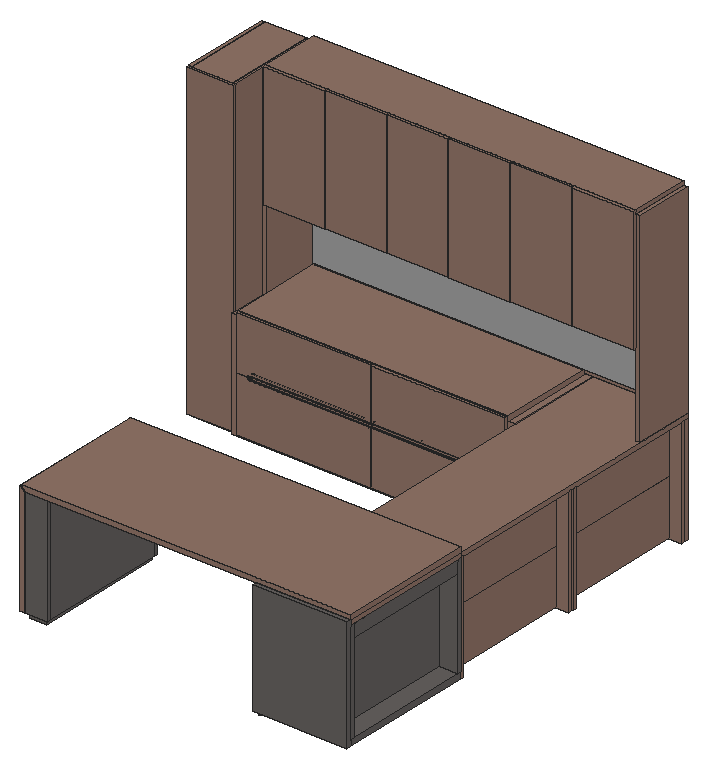
Revit family "OFS TYPICAL T100006", category Furniture, Revit 2022 (continued)
Definition of nested family "OFS SLATE CREDENZAS"
  Definition of nested family "OFS_Slate Private Office_Credenzas_Lateral File Cabinet"
    Dimensions and locks (in)
      aligned and locked: Extrusion 13 to plane 19
      aligned and locked: Extrusion 14 sketch curve to Extrusion 14 sketch curve  (x2)
    Automatic sketch dimensions
      Revolve 1 sketch curve to plane 12 = 0' - 0"
      Revolve 1 sketch curve to level = 0' - 0"  (x2)
      Revolve 1 sketch curve to plane 6 = 0' - 0.6409"
      Revolve 1 sketch curve to Revolve 1 sketch curve = 0' - 0.245"
      Revolve 1 sketch curve to Revolve 1 sketch curve = 0' - 0.005"
      Revolve 1 sketch curve to Revolve 1 sketch curve = 0' - 0.03868"
      level to Revolve 1 sketch curve = 0' - 0.13"
      Revolve 1 sketch curve to Revolve 1 sketch curve = 0' - 0"
      Revolve 1 sketch curve to level = 0' - 0.09316"
      Revolve 2 sketch curve to plane 12 = 0' - 0"
      Revolve 2 sketch curve to level = 0' - 0"  (x2)
      Revolve 2 sketch curve to plane 4 = 0' - 0.6409"
      Revolve 2 sketch curve to Revolve 2 sketch curve = 0' - 0.245"
      Revolve 2 sketch curve to Revolve 2 sketch curve = 0' - 0.005"
      Revolve 2 sketch curve to Revolve 2 sketch curve = 0' - 0.03868"
      Revolve 2 sketch curve to plane 12 = 0' - 0.19756"
      Revolve 2 sketch curve to Revolve 2 sketch curve = 0' - 0"
      Revolve 2 sketch curve to Revolve 2 sketch curve = 0' - 0.09316"
      Revolve 3 sketch curve to plane 12 = 0' - 0"
      Revolve 3 sketch curve to level = 0' - 0"  (x2)
      Revolve 3 sketch curve to plane 4 = 0' - 0.6409"
      Revolve 3 sketch curve to Revolve 3 sketch curve = 0' - 0.245"
      Revolve 3 sketch curve to Revolve 3 sketch curve = 0' - 0.005"
      Revolve 3 sketch curve to Revolve 3 sketch curve = 0' - 0.03868"
      level to Revolve 3 sketch curve = 0' - 0.13"
      Revolve 3 sketch curve to Revolve 3 sketch curve = 0' - 0"
      Revolve 3 sketch curve to Revolve 3 sketch curve = 0' - 0.09316"
      Revolve 4 sketch curve to plane 12 = 0' - 0"
      Revolve 4 sketch curve to level = 0' - 0"  (x2)
      Revolve 4 sketch curve to plane 6 = 0' - 0.6409"
      Revolve 4 sketch curve to Revolve 4 sketch curve = 0' - 0.245"
      Revolve 4 sketch curve to Revolve 4 sketch curve = 0' - 0.005"
      Revolve 4 sketch curve to Revolve 4 sketch curve = 0' - 0.03868"
      Revolve 4 sketch curve to Revolve 4 sketch curve = 0' - 0.19756"
      Revolve 4 sketch curve to Revolve 4 sketch curve = 0' - 0"
      Revolve 4 sketch curve to level = 0' - 0.09316"
      Extrusion 5 sketch curve to plane 4 = 0' - 0"  (x2)
      Extrusion 5 sketch curve to plane 6 = 0' - 0"  (x2)
      plane 14 to Extrusion 5 sketch curve = 0' - 0.62544"  (x2)
      Extrusion 5 sketch curve to Extrusion 5 sketch curve = 0' - 1 1/2"  (x2)
      Extrusion 5 sketch curve to plane 15 = 0' - 0.62544"  (x2)
      Extrusion 5 sketch curve to plane 6 = 0' - 1 1/2"  (x2)
      Extrusion 5 sketch curve to plane 14 = 0' - 0.87456"  (x2)
      plane 15 to Extrusion 5 sketch curve = 0' - 0.87456"  (x2)
      Extrusion 6 sketch curve to plane 7 = 0' - 0"
      Extrusion 6 sketch curve to plane 1 "Center (Front/Back)" = 0' - 0"
      plane 13 to Extrusion 6 sketch curve = 0' - 0"
      plane 13 to Extrusion 6 sketch curve = 0' - 1 3/16"
      plane 1 "Center (Front/Back)" to Sweep 7 sketch curve = 0' - 0"  (x2)
      Sweep 7 sketch curve to plane 12 = 0' - 0"
      Sweep 7 sketch curve to profile plane = 0' - 0"
      profile plane to Sweep 7 sketch curve = 0' - 0 3/4"
      plane 12 to Sweep 7 sketch curve = 0' - 1 1/4"
      Extrusion 8 sketch curve to plane 12 = 0' - 0"
      Extrusion 8 sketch curve to plane 1 "Center (Front/Back)" = 0' - 0"
      plane 14 to Extrusion 8 sketch curve = 0' - 0.62544"
      plane 13 to Extrusion 8 sketch curve = 0' - 1 3/16"
      Extrusion 9 sketch curve to plane 3 "Center (Left/Right)" = 0' - 0"
      plane 6 to Extrusion 9 sketch curve = 0' - 0"
      Extrusion 9 sketch curve to plane 4 = 0' - 0"
      plane 5 to Extrusion 9 sketch curve = 0' - 0"
      plane 12 to Extrusion 9 sketch curve = 0' - 1 1/4"  (x2)
      plane 13 to Extrusion 9 sketch curve = 0' - 1 3/16"  (x2)
      Extrusion 10 sketch curve to plane 8 = 0' - 0"
      plane 13 to Extrusion 10 sketch curve = 0' - 0 1/16"
      plane 8 to Extrusion 10 sketch curve = 0' - 0.26"
      plane 13 to Extrusion 10 sketch curve = 0' - 0.09911"
      Extrusion 10 sketch curve to Extrusion 10 sketch curve = 0' - 0.08839"
      Extrusion 10 sketch curve to plane 7 = 0' - 0.08661"
      plane 13 to Extrusion 10 sketch curve = 0' - 0.50072"
      plane 12 to Extrusion 10 sketch curve = 0' - 1 1/4"
      Sweep 11 sketch curve to plane 8 = 0' - 0"
      plane 8 to Sweep 11 sketch curve = 0' - 0.06025"
      Sweep 11 sketch curve to profile plane = 0' - 0.18113"
      Sweep 11 sketch curve to profile plane = 0' - 0.23364"
      Sweep 11 sketch curve to Sweep 11 sketch curve = 0' - 0.06813"
      Sweep 11 sketch curve to Sweep 11 sketch curve = 0' - 0 33/64"
      Sweep 11 sketch curve to Sweep 11 sketch curve = 0' - 0.29853"
      Sweep 11 sketch curve to Sweep 11 sketch curve = 0' - 0.23498"
      plane 12 to Extrusion 12 sketch curve = 0' - 1 1/4"
      Extrusion 12 sketch curve to Extrusion 12 sketch curve = 0' - 0 3/4"
      Extrusion 13 sketch curve to plane 8 = 0' - 0"
      plane 13 to Extrusion 13 sketch curve = 0' - 0 1/16"
      Extrusion 13 sketch curve to Extrusion 13 sketch curve = 0' - 0.26"
      plane 13 to Extrusion 13 sketch curve = 0' - 0.09911"
      Extrusion 13 sketch curve to Extrusion 13 sketch curve = 0' - 0.08839"
      Extrusion 13 sketch curve to plane 7 = 0' - 0.08661"
      plane 13 to Extrusion 13 sketch curve = 0' - 0.50072"
      plane 12 to Extrusion 13 sketch curve = 0' - 1 1/4"
      plane 12 to Extrusion 14 sketch curve = 0' - 1 1/4"
      Extrusion 14 sketch curve to Extrusion 14 sketch curve = 1' - 1 21/32"
      Extrusion 14 sketch curve to Extrusion 14 sketch curve = 0' - 0 1/8"
      plane 13 to Extrusion 14 sketch curve = 0' - 0 1/16"
      plane 12 to Sweep 11 sketch curve = 1' - 2.15699"
      Sweep 11 sketch curve to Sweep 11 sketch curve = 0' - 0.81176"
  Definition of nested family "OFS_Slate Private Office_Credenzas_Lateral File"
    Parameters
      Width [instance] = 2' - 6"
      URL = "http://www.ofsbrands.com/"
      Type = 2
      Top [instance] = none
      Model = "Type Catalog"
      Manufacturer = "OFS BRANDS"  # constant formula
      Length 3 [instance] = if(or(and(Type = 2, Width = 5' 0"), and(Type = 2, Width = 6' 0")), (Width / 2 + 0' 3.624"), Width + 0' 3")  # 2' - 9"
      Length 2 [instance] = if(or(and(Type = 2, Width = 2' 6"), and(Type = 2, Width = 5' 0")), 1' 10.692", 2' 4.692")  # 1' - 10.692"
      Length 1 [instance] = if(and(Type = 2, Width < 5' 0"), 0' 0", Width / 2)  # 0' - 0"
      Lateral File = Type = 2  # yes
      Glides [instance] = none
      Drawers [instance] = none
      Description = "Type Catalog"
      Default Elevation = 0' - 0"
      Copyright © = "© 2016 OFS BRANDS"  # constant formula
      Catalog = "OFS"  # constant formula
      Case [instance] = none
      Base [instance] = none
      Authoring Version = "Autodesk Revit Architecture 2014"  # constant formula
      Assembly Code = "E2020200"
    Reference planes (in)
      plane 1 "Center (Front/Back)": y = 0
      plane 2: z = 0
      plane 3 "Center (Left/Right)": x = 0
      plane 4: x = 0
      plane 5: x = 29.25
      plane 6: x = 30
      plane 7: x = 0.75
      plane 8: y = -24
      plane 9: y = -24.83661
      plane 10: y = -23.125
      plane 11: x = 0.125
      plane 12: x = 29.875
      plane 13: z = 0.45
      plane 14: z = 29.2
      plane 15: y = -1.37544
      plane 16: y = -21.74956
      plane 17: y = -11.5625
      plane 18: x = 15
    Forms (in)
      Revolve 1, solid, material <- "Glides", visible <- "Lateral File"
        sketch origin (1.0178, -1.37544, 47.24409) x (-1, 0, 0) y (0, 0, 1)
          loop
            line (-0.3731, -46.79409) -> (-0.3731, -47.24409) -> (-0.1281, -47.24409)
            arc (-0.1281, -47.24409) -> (0, -47.13626) -> (-0.08442, -46.99165) r 0.13
            line (-0.08442, -46.99165) -> (-0.1231, -46.99165) -> (-0.1231, -46.79409) -> (-0.3731, -46.79409)
          axis (-0.3731, -46.79409) -> (-0.3731, -47.24409)
        angle from 0 to 360
      Revolve 2, solid, material <- "Glides", visible <- "Lateral File"
        sketch origin (70.9822, -1.37544, 47.24409) x (1, 0, 0) y (0, 0, -1)
          loop
            line (-42.3731, 46.79409) -> (-42.1231, 46.79409) -> (-42.1231, 46.99165) -> (-42.08442, 46.99165)
            arc (-42.08442, 46.99165) -> (-42, 47.13626) -> (-42.1281, 47.24409) r 0.13
            line (-42.1281, 47.24409) -> (-42.3731, 47.24409) -> (-42.3731, 46.79409)
          axis (-42.3731, 46.79409) -> (-42.3731, 47.24409)
        angle from 0 to 360
      Revolve 3, solid, material <- "Glides", visible <- "Lateral File"
        sketch origin (70.9822, -21.74956, 47.24409) x (1, 0, 0) y (0, 0, 1)
          loop
            line (-42.3731, -46.79409) -> (-42.3731, -47.24409) -> (-42.1281, -47.24409)
            arc (-42.1281, -47.24409) -> (-42, -47.13626) -> (-42.08442, -46.99165) r 0.13
            line (-42.08442, -46.99165) -> (-42.1231, -46.99165) -> (-42.1231, -46.79409) -> (-42.3731, -46.79409)
          axis (-42.3731, -46.79409) -> (-42.3731, -47.24409)
        angle from 0 to 360
      Revolve 4, solid, material <- "Glides", visible <- "Lateral File"
        sketch origin (1.0178, -21.74956, 47.24409) x (-1, 0, 0) y (0, 0, -1)
          loop
            line (-0.3731, 46.79409) -> (-0.1231, 46.79409) -> (-0.1231, 46.99165) -> (-0.08442, 46.99165)
            arc (-0.08442, 46.99165) -> (0, 47.13626) -> (-0.1281, 47.24409) r 0.13
            line (-0.1281, 47.24409) -> (-0.3731, 47.24409) -> (-0.3731, 46.79409)
          axis (-0.3731, 46.79409) -> (-0.3731, 47.24409)
        angle from 0 to 360
      Extrusion 5, solid, material <- "Case", visible <- "Lateral File"
        sketch origin (-60.07556, -60, 0.45) x (-1, 0, 0) y (0, -1, 0)
          loop
            line (-60.82556, -59.25) -> (-60.82556, -57.75) -> (-62.32556, -57.75) -> (-62.32556, -59.25) -> (-60.82556, -59.25)
          loop
            line (-60.82556, -39.125) -> (-60.82556, -37.625) -> (-62.32556, -37.625) -> (-62.32556, -39.125) -> (-60.82556, -39.125)
          loop
            line (-89.32556, -59.25) -> (-87.82556, -59.25) -> (-87.82556, -57.75) -> (-89.32556, -57.75) -> (-89.32556, -59.25)
          loop
            line (-89.32556, -39.125) -> (-87.82556, -39.125) -> (-87.82556, -37.625) -> (-89.32556, -37.625) -> (-89.32556, -39.125)
        from 0 to 1.25
      Extrusion 6, solid, material <- "Top", visible <- "Lateral File"
        sketch origin (0, 0, 0) x (0, 1, 0) y (0, 0, 1)
          loop
            line (0, 29.2) -> (-24, 29.2) -> (-24, 28.0125) -> (0, 28.0125) -> (0, 29.2)
        from 0 to 30
      Sweep 7, solid, material <- "Case", visible <- "Lateral File"
        path origin (-60.07556, -60, 0.45) x (-1, 0, 0) y (0, -1, 0)
          loop
            line (-90.07556, -60) -> (-90.07556, -36.875) -> (-60.07556, -36.875) -> (-60.07556, -60)
        profile origin (0, -11.5625, 0.45) x (-1, 0, 0) y (0, 0, 1)
          loop
            line (-0.75, 0) -> (0, 0) -> (0, 1.25) -> (-0.75, 1.25) -> (-0.75, 0)
      Extrusion 8, solid, material <- "Case", visible <- "Lateral File"
        sketch origin (0, 0, 0) x (0, 1, 0) y (0, 0, 1)
          loop
            line (0, 28.0125) -> (-0.75, 28.0125) -> (-0.75, 0.45) -> (0, 0.45) -> (0, 28.0125)
        from 0.75 to 29.25
      Extrusion 9, solid, material <- "Case", visible <- "Lateral File"
        sketch origin (0, 0, 0) x (1, 0, 0) y (0, 0, 1)
          loop
            line (0, 28.0125) -> (0, 1.7) -> (0.75, 1.7) -> (0.75, 28.0125) -> (0, 28.0125)
          loop
            line (29.25, 28.0125) -> (29.25, 1.7) -> (30, 1.7) -> (30, 28.0125) -> (29.25, 28.0125)
        from 0 to 24
      Extrusion 10, solid, material <- "Drawers", visible <- "Lateral File"
        sketch origin (0.125, -24.83661, 47.24409) x (0, -1, 0) y (0, 0, 1)
          loop
            line (-0.75, -18.10659) -> (-0.75, -31.76284) -> (0, -31.76284) -> (0, -18.10659) -> (-0.75, -18.10659)
          loop
            line (-0.75, -45.5441) -> (0, -45.5441) -> (0, -31.88784) -> (-0.75, -31.88784) -> (-0.75, -45.5441)
        from 0 to -29.75
      Extrusion 11, void
        sketch origin (-60.07556, -60, 0.45) x (0, -1, 0) y (-1, 0, 0)
          loop
            line (-35.91339, -60.01306) -> (-35.91339, -60.13806) -> (-35.16339, -60.13806) -> (-35.16339, -60.01306) -> (-35.91339, -60.01306)
        from 0 to -28.75
      Sweep 12, void
        path origin (-3.76383, -24.83661, 47.24409) x (-1, 0, 0) y (0, 0, 1)
          loop
            line (-7.41768, -31.01358) -> (-30.10968, -31.01358)
            arc (-30.10968, -31.01358) -> (-30.92144, -31.82534) -> (-30.10968, -32.63711) r 0.81176
            line (-30.10968, -32.63711) -> (-7.41768, -32.63711)
            arc (-7.41768, -32.63711) -> (-6.60591, -31.82534) -> (-7.41768, -31.01358) r 0.81176
        profile origin (14.99984, -24.83661, 16.23051) x (0, 0, -1) y (0, 1, 0)
          loop
            line (0.74926, 0) -> (0.74926, 0.59375) -> (0.23364, 0.59375)
            arc (0.23364, 0.59375) -> (-0.00045, 0.3792) -> (0.19294, 0.12735) r 0.23498
            arc (0.19294, 0.12735) -> (0.23332, 0.10405) -> (0.24927, 0.06025) r 0.06813
            line (0.24927, 0.06025) -> (0.24927, 0) -> (0.74926, 0)
      Sweep 13, void
        path origin (63.76383, -24.83661, 47.24409) x (1, 0, 0) y (0, 0, -1)
          loop
            arc (-8.07183, 31.01358) -> (-7.26007, 31.82534) -> (-8.07183, 32.63711) r 0.81176
            line (-8.07183, 32.63711) -> (-30.76383, 32.63711)
            arc (-30.76383, 32.63711) -> (-31.5756, 31.82534) -> (-30.76383, 31.01358) r 0.81176
            line (-30.76383, 31.01358) -> (-8.07183, 31.01358)
        profile origin (44.346, -24.83661, 16.23051) x (0, 0, 1) y (0, 1, 0)
          loop
            line (-0.74926, 0) -> (-0.24927, 0) -> (-0.24927, 0.06025)
            arc (-0.24927, 0.06025) -> (-0.23332, 0.10405) -> (-0.19294, 0.12735) r 0.06813
            arc (-0.19294, 0.12735) -> (0.00045, 0.3792) -> (-0.23364, 0.59375) r 0.23498
            line (-0.23364, 0.59375) -> (-0.74926, 0.59375) -> (-0.74926, 0)
      Extrusion 14, solid, material <- "Base", visible <- "Lateral File"
        sketch origin (-3.76383, -24.83661, 47.24409) x (-1, 0, 0) y (0, 0, 1)
          loop
            line (-4.51383, -44.79409) -> (-33.01383, -44.79409) -> (-33.01383, -45.54409) -> (-4.51383, -45.54409) -> (-4.51383, -44.79409)
        from 0.83661 to 24.08661
    Cuts and joins
      Extrusion 11, Sweep 12, Sweep 13 cuts Extrusion 10
      joined: Revolve 1, Revolve 2, Revolve 3, Revolve 4
    Lines and regions (in)
      Masking region 1, visible <- "Lateral File"
        outline origin (77.82463, -60, 29.2) x (0, -1, 0) y (1, 0, 0)
          loop
            line (-60, -77.82463) -> (-36, -77.82463) -> (-36, -47.82463) -> (-60, -47.82463) -> (-60, -77.82463)
    Dimensions and locks (in)
      "Width": plane 3 "Center (Left/Right)" to plane 6
      plane 3 "Center (Left/Right)" to plane 11 to plane 7 = 0' - 0 1/8" locked, 0' - 0 5/8" locked
      plane 5 to plane 12 to plane 6 = 0' - 0 5/8" locked, 0' - 0 1/8" locked
      "Length 1": plane 3 "Center (Left/Right)" to plane 4
      Extrusion 11 sketch curve to plane 4 to Extrusion 11 sketch curve = 0' - 0 1/16" locked, 0' - 0 1/16" locked
      equal spacing: plane 6, plane 18, plane 3 "Center (Left/Right)"
      locked: Sweep 12 sketch curve to plane 3 "Center (Left/Right)" at 3.65384
      "Length 2": Sweep 12 sketch curve to Sweep 12 sketch curve
      "Length 2": Sweep 13 sketch curve to Sweep 13 sketch curve
      "Length 3": Sweep 13 sketch curve to plane 3 "Center (Left/Right)"
      aligned and locked: level to plane 2
      aligned and locked: Extrusion 6 to plane 6
      aligned and locked: Sweep 7 sketch curve to Extrusion 6  (x2)
      aligned and locked: plane 10 to Sweep 7 sketch curve
      aligned and locked: plane 5 to Extrusion 8
      aligned and locked: plane 7 to Extrusion 8
      aligned and locked: Extrusion 10 to plane 12
      aligned and locked: Extrusion 11 to plane 14
      aligned and locked: Extrusion 14 sketch curve to plane 7
      aligned and locked: Extrusion 14 sketch curve to plane 5
      aligned and locked: Masking region 1 sketch curve to Extrusion 6  (x4)
    Automatic sketch dimensions
      Revolve 1 sketch curve to plane 13 = 0' - 0"
      Revolve 1 sketch curve to level = 0' - 0"  (x2)
      Revolve 1 sketch curve to plane 7 = 0' - 0.6409"
      Revolve 1 sketch curve to Revolve 1 sketch curve = 0' - 0.245"
      Revolve 1 sketch curve to Revolve 1 sketch curve = 0' - 0.005"
      Revolve 1 sketch curve to Revolve 1 sketch curve = 0' - 0.03868"
      level to Revolve 1 sketch curve = 0' - 0.13"
      Revolve 1 sketch curve to Revolve 1 sketch curve = 0' - 0"
      Revolve 1 sketch curve to level = 0' - 0.09316"
      Revolve 2 sketch curve to plane 13 = 0' - 0"
      Revolve 2 sketch curve to level = 0' - 0"  (x2)
      Revolve 2 sketch curve to plane 5 = 0' - 0.6409"
      Revolve 2 sketch curve to Revolve 2 sketch curve = 0' - 0.245"
      Revolve 2 sketch curve to Revolve 2 sketch curve = 0' - 0.005"
      Revolve 2 sketch curve to Revolve 2 sketch curve = 0' - 0.03868"
      Revolve 2 sketch curve to plane 13 = 0' - 0.19756"
      Revolve 2 sketch curve to Revolve 2 sketch curve = 0' - 0"
      Revolve 2 sketch curve to Revolve 2 sketch curve = 0' - 0.09316"
      Revolve 3 sketch curve to plane 13 = 0' - 0"
      Revolve 3 sketch curve to level = 0' - 0"  (x2)
      Revolve 3 sketch curve to plane 5 = 0' - 0.6409"
      Revolve 3 sketch curve to Revolve 3 sketch curve = 0' - 0.245"
      Revolve 3 sketch curve to Revolve 3 sketch curve = 0' - 0.005"
      Revolve 3 sketch curve to Revolve 3 sketch curve = 0' - 0.03868"
      level to Revolve 3 sketch curve = 0' - 0.13"
      Revolve 3 sketch curve to Revolve 3 sketch curve = 0' - 0"
      Revolve 3 sketch curve to Revolve 3 sketch curve = 0' - 0.09316"
      Revolve 4 sketch curve to plane 13 = 0' - 0"
      Revolve 4 sketch curve to level = 0' - 0"  (x2)
      Revolve 4 sketch curve to plane 7 = 0' - 0.6409"
      Revolve 4 sketch curve to Revolve 4 sketch curve = 0' - 0.245"
      Revolve 4 sketch curve to Revolve 4 sketch curve = 0' - 0.005"
      Revolve 4 sketch curve to Revolve 4 sketch curve = 0' - 0.03868"
      Revolve 4 sketch curve to Revolve 4 sketch curve = 0' - 0.19756"
      Revolve 4 sketch curve to Revolve 4 sketch curve = 0' - 0"
      Revolve 4 sketch curve to level = 0' - 0.09316"
      Extrusion 5 sketch curve to plane 5 = 0' - 0"  (x2)
      Extrusion 5 sketch curve to plane 7 = 0' - 0"  (x2)
      plane 15 to Extrusion 5 sketch curve = 0' - 0.62544"  (x2)
      Extrusion 5 sketch curve to Extrusion 5 sketch curve = 0' - 1 1/2"  (x2)
      Extrusion 5 sketch curve to plane 16 = 0' - 0.62544"  (x2)
      Extrusion 5 sketch curve to plane 7 = 0' - 1 1/2"  (x2)
      Extrusion 5 sketch curve to plane 15 = 0' - 0.87456"  (x2)
      plane 16 to Extrusion 5 sketch curve = 0' - 0.87456"  (x2)
      Extrusion 6 sketch curve to plane 8 = 0' - 0"
      Extrusion 6 sketch curve to plane 1 "Center (Front/Back)" = 0' - 0"
      plane 14 to Extrusion 6 sketch curve = 0' - 0"
      plane 14 to Extrusion 6 sketch curve = 0' - 1 3/16"
      plane 1 "Center (Front/Back)" to Sweep 7 sketch curve = 0' - 0"  (x2)
      Sweep 7 sketch curve to plane 13 = 0' - 0"
      Sweep 7 sketch curve to profile plane = 0' - 0"
      profile plane to Sweep 7 sketch curve = 0' - 0 3/4"
      plane 13 to Sweep 7 sketch curve = 0' - 1 1/4"
      Extrusion 8 sketch curve to plane 13 = 0' - 0"
      Extrusion 8 sketch curve to plane 1 "Center (Front/Back)" = 0' - 0"
      plane 15 to Extrusion 8 sketch curve = 0' - 0.62544"
      plane 14 to Extrusion 8 sketch curve = 0' - 1 3/16"
      Extrusion 9 sketch curve to plane 3 "Center (Left/Right)" = 0' - 0"
      plane 7 to Extrusion 9 sketch curve = 0' - 0"
      Extrusion 9 sketch curve to plane 5 = 0' - 0"
      plane 6 to Extrusion 9 sketch curve = 0' - 0"
      plane 13 to Extrusion 9 sketch curve = 0' - 1 1/4"  (x2)
      plane 14 to Extrusion 9 sketch curve = 0' - 1 3/16"  (x2)
      Extrusion 10 sketch curve to plane 9 = 0' - 0"  (x2)
      Extrusion 10 sketch curve to plane 8 = 0' - 0.08661"  (x2)
      plane 13 to Extrusion 10 sketch curve = 0' - 1 1/4"
      Extrusion 10 sketch curve to Extrusion 10 sketch curve = 1' - 1 21/32"
      Extrusion 10 sketch curve to Extrusion 10 sketch curve = 0' - 0 1/8"
      plane 14 to Extrusion 10 sketch curve = 0' - 0 1/16"
      Extrusion 11 sketch curve to plane 9 = 0' - 0"
      Extrusion 11 sketch curve to plane 8 = 0' - 0.08661"
      Sweep 12 sketch curve to plane 9 = 0' - 0"
      plane 9 to Sweep 12 sketch curve = 0' - 0.06025"
      Sweep 12 sketch curve to profile plane = 0' - 0.18113"
      Sweep 12 sketch curve to profile plane = 0' - 0.23364"
      Sweep 12 sketch curve to Sweep 12 sketch curve = 0' - 0.06813"
      Sweep 12 sketch curve to Sweep 12 sketch curve = 0' - 0 33/64"
      Sweep 12 sketch curve to Sweep 12 sketch curve = 0' - 0.29853"
      Sweep 12 sketch curve to Sweep 12 sketch curve = 0' - 0.23498"
      Sweep 13 sketch curve to plane 9 = 0' - 0"
      profile plane to Sweep 13 sketch curve = 0' - 0.74926"
      profile plane to Sweep 13 sketch curve = 0' - 0.24927"
      profile plane to Sweep 13 sketch curve = 0' - 0.23364"
      Sweep 13 sketch curve to Sweep 13 sketch curve = 0' - 0.06813"
      plane 9 to Sweep 13 sketch curve = 0' - 0.06025"
      Sweep 13 sketch curve to Sweep 13 sketch curve = 0' - 0.29853"
      Sweep 13 sketch curve to Sweep 13 sketch curve = 0' - 0.23498"
      plane 13 to Extrusion 14 sketch curve = 0' - 1 1/4"
      Extrusion 14 sketch curve to Extrusion 14 sketch curve = 0' - 0 3/4"
      plane 13 to Sweep 12 sketch curve = 1' - 2.15699"
      Sweep 12 sketch curve to Sweep 12 sketch curve = 0' - 0.81176"
      plane 14 to Sweep 13 sketch curve = 1' - 0.96949"
      Sweep 13 sketch curve to Sweep 13 sketch curve = 0' - 0.81176"
  Definition of nested family "OFS_Slate Private Office_Credenzas_Overlay Lateral File Doors"
    Parameters
      Width 1 [instance] = if(Width < 5' 0", 5' 0", Width)  # 5' - 0"
      Width [instance] = 5' - 0"
      URL = "http://www.ofsbrands.com/"
      Type = 5
      Top [instance] = none
      Panel [instance] = none
      Model = "Type Catalog"
      Manufacturer = "OFS BRANDS"  # constant formula
      Length 2 [instance] = if(and(Type = 5, Width < 5' 0"), 0' 0.063", 1' 5 7/8")  # 1' - 5 7/8"
      Length 1 [instance] = if(and(Type = 5, Width = 2' 6"), 1' 7.255", if(and(Type = 5, Width = 3' 0"), 2' 1.255", if(and(Type = 5, Width = 5' 0"), 1' 1.255", if(and(Type = 5, Width = 6' 0"), 2' 1.255", if(and(Type = 5, Width = 7' 6"), 1' 6.005", 2' 3.005")))))  # 1' - 1.255"
      Overlay Lateral File = Type = 5  # yes
      Lateral Drawers [instance] = and(Overlay Lateral File, not(Width < 5' 0"))  # yes
      Glides [instance] = none
      Drawers [instance] = none
      Description = "Type Catalog"
      Default Elevation = 0' - 0"
      Copyright © = "© 2016 OFS BRANDS"  # constant formula
      Catalog = "OFS"  # constant formula
      Case [instance] = none
      Base [instance] = none
      Authoring Version = "Autodesk Revit Architecture 2014"  # constant formula
      Assembly Code = "E2020200"
      4 Drawers [instance] = and(Type = 5, Width > 6' 0")  # no
      2 Drawers [instance] = and(Type = 5, Width < 7' 6")  # yes
    Reference planes (in)
      plane 1 "Center (Front/Back)": y = 0
      plane 2: z = 0
      plane 3 "Center (Left/Right)": x = 0
      plane 4: x = 59.25
      plane 5: x = 60
      plane 6: x = 0.75
      plane 7: y = -24
      plane 8: y = -25.58661
      plane 9: y = -23.125
      plane 10: x = 0.125
      plane 11: x = 59.875
      plane 12: z = 0.45
      plane 13: z = 30.3875
      plane 14: y = -1.38677
      plane 15: y = -21.25
      plane 16: y = -11.5625
      plane 17: x = 30
      plane 18: x = 19.6875
      plane 19: x = 40.3125
      plane 20: x = 1.8125
      plane 21: x = 58.1875
      plane 22: x = 58.0625
    Forms (in)
      Revolve 1, solid, material <- "Glides", visible <- "Overlay Lateral File"
        sketch origin (1.0178, -1.38677, 47.24409) x (-1, 0, 0) y (0, 0, 1)
          loop
            line (0.04905, -46.79409) -> (0.04905, -47.24409) -> (0.29405, -47.24409)
            arc (0.29405, -47.24409) -> (0.42215, -47.13626) -> (0.33773, -46.99165) r 0.13
            line (0.33773, -46.99165) -> (0.29905, -46.99165) -> (0.29905, -46.79409) -> (0.04905, -46.79409)
          axis (0.04905, -46.79409) -> (0.04905, -47.24409)
        angle from 0 to 360
      Revolve 2, solid, material <- "Glides", visible <- "Overlay Lateral File"
        sketch origin (70.9822, -1.38677, 47.24409) x (1, 0, 0) y (0, 0, -1)
          loop
            line (-11.95095, 46.79409) -> (-11.70095, 46.79409) -> (-11.70095, 46.99165) -> (-11.66227, 46.99165)
            arc (-11.66227, 46.99165) -> (-11.57785, 47.13626) -> (-11.70595, 47.24409) r 0.13
            line (-11.70595, 47.24409) -> (-11.95095, 47.24409) -> (-11.95095, 46.79409)
          axis (-11.95095, 46.79409) -> (-11.95095, 47.24409)
        angle from 0 to 360
      Revolve 3, solid, material <- "Glides", visible <- "Overlay Lateral File"
        sketch origin (1.0178, -21.25, 47.24409) x (-1, 0, 0) y (0, 0, 1)
          loop
            line (-58.01344, -46.79409) -> (-58.26344, -46.79409) -> (-58.26344, -46.99165) -> (-58.30212, -46.99165)
            arc (-58.30212, -46.99165) -> (-58.38654, -47.13626) -> (-58.25844, -47.24409) r 0.13
            line (-58.25844, -47.24409) -> (-58.01344, -47.24409) -> (-58.01344, -46.79409)
          axis (-58.01344, -46.79409) -> (-58.01344, -47.24409)
        angle from 0 to 360
      Revolve 4, solid, material <- "Glides", visible <- "Overlay Lateral File"
        sketch origin (1.0178, -21.25, 47.24409) x (-1, 0, 0) y (0, 0, 1)
          loop
            line (0.04905, -46.79409) -> (0.04905, -47.24409) -> (0.29405, -47.24409)
            arc (0.29405, -47.24409) -> (0.42215, -47.13626) -> (0.33773, -46.99165) r 0.13
            line (0.33773, -46.99165) -> (0.29905, -46.99165) -> (0.29905, -46.79409) -> (0.04905, -46.79409)
          axis (0.04905, -46.79409) -> (0.04905, -47.24409)
        angle from 0 to 360
      Sweep 5, solid, material <- "Panel", visible <- "Overlay Lateral File"
        path origin (-60.07556, -60, 0.45) x (-1, 0, 0) y (0, -1, 0)
          loop
            line (-120.07556, -36.875) -> (-60.07556, -36.875)
        profile origin (30, -23.125, 0.45) x (0, -1, 0) y (0, 0, 1)
          loop
            line (-0.75, 0) -> (0, 0) -> (0, 1.25) -> (-0.75, 1.25) -> (-0.75, 0)
      Extrusion 6, solid, material <- "Case", visible <- "Overlay Lateral File"
        sketch origin (0, 0, 0) x (0, 1, 0) y (0, 0, 1)
          loop
            line (0, 29.2) -> (-0.76133, 29.2) -> (-0.76133, 0.45) -> (0, 0.45) -> (0, 29.2)
        from 1.9375 to 58.0625
      Extrusion 7, solid, material <- "Panel", visible <- "Overlay Lateral File"
        sketch origin (0, 0, 0) x (1, 0, 0) y (0, 0, 1)
          loop
            line (0, 29.2) -> (0, 1.7) -> (1.9375, 1.7) -> (1.9375, 29.2) -> (0, 29.2)
          loop
            line (58.0625, 29.2) -> (58.0625, 1.7) -> (60, 1.7) -> (60, 29.2) -> (58.0625, 29.2)
        from 0 to 24.75
      Extrusion 8, solid, material <- "Drawers", visible <- "Lateral Drawers"
        sketch origin (0.125, -24.83661, 47.24409) x (0, -1, 0) y (0, 0, 1)
          loop
            line (0.49, -16.91909) -> (0.40162, -16.9557) -> (0, -17.35732) -> (0, -45.5441) -> (0.75, -45.5441) -> (0.75, -16.91909) -> (0.49, -16.91909)
        from -1.6875 to -19.5625
      Extrusion 9, solid, material <- "Base", visible <- "Overlay Lateral File"
        sketch origin (-3.76383, -25.58661, 47.24409) x (-1, 0, 0) y (0, 0, 1)
          loop
            line (-5.70133, -44.79409) -> (-61.82633, -44.79409) -> (-61.82633, -45.54409) -> (-5.70133, -45.54409) -> (-5.70133, -44.79409)
        from 0.83661 to 24.83661
      Extrusion 10, solid, material <- "Drawers", visible <- "Lateral Drawers"
        sketch origin (65.875, -24.83661, 47.24409) x (0, -1, 0) y (0, 0, -1)
          loop
            line (0.49, 16.91909) -> (0.75, 16.91909) -> (0.75, 45.5441) -> (0, 45.5441) -> (0, 17.35732) -> (0.40162, 16.9557) -> (0.49, 16.91909)
        from -7.6875 to -25.5625
      Extrusion 11, solid, material <- "Drawers", visible <- "2 Drawers"
        sketch origin (-3.76383, -25.58661, 47.24409) x (-1, 0, 0) y (0, 0, 1)
          loop
            line (-23.57633, -16.9191) -> (-43.95133, -16.9191) -> (-43.95133, -30.57535) -> (-23.57633, -30.57535) -> (-23.57633, -16.9191)
          loop
            line (-43.95133, -30.70035) -> (-43.95133, -45.54409) -> (-23.57633, -45.54409) -> (-23.57633, -30.70035) -> (-43.95133, -30.70035)
        from 0 to 0.75
      Extrusion 12, solid, material <- "Top", visible <- "Overlay Lateral File"
        sketch origin (1.8125, -27.03977, 47.24409) x (0, -1, 0) y (0, 0, 1)
          loop
            line (-26.28977, -16.85659) -> (-26.28977, -18.0441) -> (-2.28977, -18.0441) -> (-2.28977, -16.85659) -> (-26.28977, -16.85659)
        from 0 to -56.375
      Extrusion 13, solid, material <- "Panel", visible <- "Overlay Lateral File"
        sketch origin (-60.07556, -60, 0.45) x (-1, 0, 0) y (0, -1, 0)
          loop
            line (-62.01306, -38.8125) -> (-62.01306, -60) -> (-60.07556, -60) -> (-60.07556, -36.875) -> (-62.01306, -38.8125)
          loop
            line (-118.13806, -38.8125) -> (-120.07556, -36.875) -> (-120.07556, -60) -> (-118.13806, -60) -> (-118.13806, -38.8125)
        from 0 to 1.25
      Sweep 14, void
        path origin (-3.76383, -25.58661, 47.24409) x (-1, 0, 0) y (0, 0, 1)
          loop
            line (-27.13633, -29.82608) -> (-40.39133, -29.82608)
            arc (-40.39133, -29.82608) -> (-41.2031, -30.63785) -> (-40.39133, -31.44961) r 0.81176
            line (-40.39133, -31.44961) -> (-27.13633, -31.44961)
            arc (-27.13633, -31.44961) -> (-26.32457, -30.63785) -> (-27.13633, -29.82608) r 0.81176
        profile origin (30, -25.58661, 17.41801) x (0, 0, -1) y (0, 1, 0)
          loop
            line (0.74926, 0) -> (0.74926, 0.59375) -> (0.23364, 0.59375)
            arc (0.23364, 0.59375) -> (0.00071, 0.38112) -> (0.19126, 0.12981) r 0.2339
            arc (0.19126, 0.12981) -> (0.23287, 0.10547) -> (0.24927, 0.06015) r 0.07084
            line (0.24927, 0.06015) -> (0.24927, 0) -> (0.74926, 0)
      Extrusion 15, solid, material <- "Drawers", visible <- "4 Drawers"
        sketch origin (30, -60, -12) x (0, 0, -1) y (0, -1, 0)
          loop
            line (-42.325, -35.16339) -> (-28.66875, -35.16339) -> (-28.66875, -34.41339) -> (-42.325, -34.41339) -> (-42.325, -35.16339)
          loop
            line (-28.54375, -35.16339) -> (-13.7, -35.16339) -> (-13.7, -34.41339) -> (-28.54375, -34.41339) -> (-28.54375, -35.16339)
        from 0.125 to 10.1875
      Extrusion 16, solid, material <- "Drawers", visible <- "4 Drawers"
        sketch origin (30, -60, -12) x (0, 0, -1) y (0, -1, 0)
          loop
            line (-42.325, -35.16339) -> (-28.66875, -35.16339) -> (-28.66875, -34.41339) -> (-42.325, -34.41339) -> (-42.325, -35.16339)
          loop
            line (-28.54375, -35.16339) -> (-13.7, -35.16339) -> (-13.7, -34.41339) -> (-28.54375, -34.41339) -> (-28.54375, -35.16339)
        from -0.125 to -10.1875
      Sweep 17, void
        path origin (-3.76383, -25.58661, 47.24409) x (-1, 0, 0) y (0, 0, 1)
          loop
            line (-16.88624, -29.82608) -> (-30.14124, -29.82608)
            arc (-30.14124, -29.82608) -> (-30.953, -30.63785) -> (-30.14124, -31.44961) r 0.81176
            line (-30.14124, -31.44961) -> (-16.88624, -31.44961)
            arc (-16.88624, -31.44961) -> (-16.07448, -30.63785) -> (-16.88624, -29.82608) r 0.81176
        profile origin (19.74991, -25.58661, 17.41801) x (0, 0, -1) y (0, 1, 0)
          loop
            line (0.74926, 0) -> (0.74926, 0.59363) -> (0.23316, 0.59363)
            arc (0.23316, 0.59363) -> (-0.0007, 0.37998) -> (0.191, 0.12781) r 0.23482
            arc (0.191, 0.12781) -> (0.23279, 0.10343) -> (0.24927, 0.05795) r 0.07102
            line (0.24927, 0.05795) -> (0.24927, 0) -> (0.74926, 0)
      Sweep 18, void
        path origin (93.76383, -25.58661, 47.24409) x (1, 0, 0) y (0, 0, -1)
          loop
            arc (-46.88624, 29.82608) -> (-46.07448, 30.63785) -> (-46.88624, 31.44961) r 0.81176
            line (-46.88624, 31.44961) -> (-60.14124, 31.44961)
            arc (-60.14124, 31.44961) -> (-60.953, 30.63785) -> (-60.14124, 29.82608) r 0.81176
            line (-60.14124, 29.82608) -> (-46.88624, 29.82608)
        profile origin (40.25009, -25.58661, 17.41801) x (0, 0, 1) y (0, 1, 0)
          loop
            line (-0.74926, 0) -> (-0.24927, 0) -> (-0.24927, 0.05795)
            arc (-0.24927, 0.05795) -> (-0.23279, 0.10343) -> (-0.191, 0.12781) r 0.07102
            arc (-0.191, 0.12781) -> (0.0007, 0.37998) -> (-0.23316, 0.59363) r 0.23482
            line (-0.23316, 0.59363) -> (-0.74926, 0.59363) -> (-0.74926, 0)
    Cuts and joins
      joined: Revolve 1, Revolve 2, Revolve 3, Revolve 4
      joined: Extrusion 8, Extrusion 10
      joined: Sweep 5, Extrusion 13
      Sweep 14 cuts Extrusion 11
      Sweep 17, Sweep 18 cuts Extrusion 15
      Sweep 18 cuts Extrusion 16
    Lines and regions (in)
      Masking region 1, visible <- "Overlay Lateral File"
        outline origin (77.82463, -60, 30.3875) x (0, -1, 0) y (1, 0, 0)
          loop
            line (-60, -77.82463) -> (-34.41339, -77.82463) -> (-34.41339, -17.82463) -> (-60, -17.82463) -> (-60, -77.82463)
    Dimensions and locks (in)
      "Width 1": plane 3 "Center (Left/Right)" to plane 5
      equal spacing: plane 3 "Center (Left/Right)", plane 17, plane 5
      locked: plane 18 to Extrusion 11 sketch curve at 0.125
      locked: plane 19 to Extrusion 11 sketch curve at 0.125
      locked: Extrusion 7 sketch curve to plane 3 "Center (Left/Right)" at 1.9375
      locked: plane 20 to Extrusion 9 sketch curve at 0.125
      equal spacing: Sweep 14 sketch curve, plane 17, Sweep 14 sketch curve
      "Length 1": Sweep 14 sketch curve to Sweep 14 sketch curve
      Extrusion 13 sketch curve to Extrusion 13 sketch curve to plane 9 = 0' - 0" locked, 0' - 1 15/16" locked
      locked: plane 3 "Center (Left/Right)" to Extrusion 13 sketch curve at 1.9375
      locked: Sweep 17 sketch curve to plane 17 at 3.62259
      "Length 1": Sweep 17 sketch curve to Sweep 17 sketch curve
      "Length 1": Sweep 18 sketch curve to Sweep 18 sketch curve
      locked: plane 17 to Sweep 18 sketch curve at 3.62259
      plane 3 "Center (Left/Right)" to plane 10 to plane 6 to plane 20 = 0' - 0 1/8" locked, 0' - 0 5/8" locked, 0' - 1 1/16" locked
      plane 22 to plane 21 to plane 4 to plane 11 to plane 5 = 0' - 0 1/8" locked, 0' - 1 1/16" locked, 0' - 0 5/8" locked, 0' - 0 1/8" locked
      "Length 2": plane 20 to plane 18
      "Length 2": plane 19 to plane 21
      aligned and locked: level to plane 2
      aligned and locked: plane 9 to Sweep 5 sketch curve
      aligned and locked: Extrusion 10 to plane 19
      aligned and locked: Extrusion 11 sketch curve to Extrusion 11 sketch curve  (x2)
      aligned and locked: cut or joined group of Extrusion 8, Extrusion 10 to plane 18
      aligned and locked: cut or joined group of Extrusion 8, Extrusion 10 to plane 19
      aligned and locked: plane 21 to Extrusion 12
      aligned and locked: plane 21 to cut or joined group of Extrusion 8, Extrusion 10
      aligned and locked: Extrusion 6 to plane 22
      aligned and locked: Extrusion 7 sketch curve to plane 22
      aligned and locked: Extrusion 13 sketch curve to plane 22
      aligned and locked: plane 5 to Extrusion 13 sketch curve
      aligned and locked: plane 9 to Extrusion 13 sketch curve  (x2)
      aligned and locked: Extrusion 13 sketch curve to plane 3 "Center (Left/Right)"
      aligned and locked: plane 22 to Extrusion 9 sketch curve
      aligned and locked: Masking region 1 sketch curve to Extrusion 7
      aligned and locked: cut or joined group of Extrusion 11, Sweep 14 to cut or joined group of Extrusion 15, Sweep 17, Sweep 18
      aligned and locked: cut or joined group of Extrusion 16, Sweep 18 to cut or joined group of Extrusion 11, Sweep 14
    Automatic sketch dimensions
      Revolve 1 sketch curve to plane 12 = 0' - 0"
      Revolve 1 sketch curve to level = 0' - 0"  (x2)
      Revolve 1 sketch curve to plane 6 = 0' - 0 7/32"
      plane 6 to Revolve 1 sketch curve = 0' - 0.02625"
      plane 6 to Revolve 1 sketch curve = 0' - 0 1/32"
      Revolve 1 sketch curve to Revolve 1 sketch curve = 0' - 0.03868"
      level to Revolve 1 sketch curve = 0' - 0.13"
      Revolve 1 sketch curve to Revolve 1 sketch curve = 0' - 0"
      Revolve 1 sketch curve to level = 0' - 0.09316"
      Revolve 2 sketch curve to plane 12 = 0' - 0"
      Revolve 2 sketch curve to level = 0' - 0"  (x2)
      Revolve 2 sketch curve to plane 4 = 0' - 0 7/32"
      plane 4 to Revolve 2 sketch curve = 0' - 0.02625"
      plane 4 to Revolve 2 sketch curve = 0' - 0 1/32"
      Revolve 2 sketch curve to Revolve 2 sketch curve = 0' - 0.03868"
      Revolve 2 sketch curve to plane 12 = 0' - 0.19756"
      Revolve 2 sketch curve to Revolve 2 sketch curve = 0' - 0"
      Revolve 2 sketch curve to Revolve 2 sketch curve = 0' - 0.09316"
      Revolve 3 sketch curve to plane 12 = 0' - 0"
      Revolve 3 sketch curve to level = 0' - 0"  (x2)
      plane 4 to Revolve 3 sketch curve = 0' - 0.06992"
      plane 4 to Revolve 3 sketch curve = 0' - 0 1/32"
      plane 4 to Revolve 3 sketch curve = 0' - 0.02625"
      Revolve 3 sketch curve to plane 4 = 0' - 0 7/32"
      level to Revolve 3 sketch curve = 0' - 0.13"
      Revolve 3 sketch curve to Revolve 3 sketch curve = 0' - 0"
      Revolve 3 sketch curve to Revolve 3 sketch curve = 0' - 0.09316"
      Revolve 4 sketch curve to plane 12 = 0' - 0"
      Revolve 4 sketch curve to level = 0' - 0"  (x2)
      Revolve 4 sketch curve to plane 6 = 0' - 0 7/32"
      plane 6 to Revolve 4 sketch curve = 0' - 0.02625"
      plane 6 to Revolve 4 sketch curve = 0' - 0 1/32"
      Revolve 4 sketch curve to Revolve 4 sketch curve = 0' - 0.03868"
      Revolve 4 sketch curve to Revolve 4 sketch curve = 0' - 0.13"
      Revolve 4 sketch curve to Revolve 4 sketch curve = 0' - 0"
      Revolve 4 sketch curve to level = 0' - 0.09316"
      Sweep 5 sketch curve to plane 5 = 0' - 0"
      Sweep 5 sketch curve to plane 3 "Center (Left/Right)" = 0' - 0"
      Sweep 5 sketch curve to plane 12 = 0' - 0"
      Sweep 5 sketch curve to profile plane = 0' - 0"
      profile plane to Sweep 5 sketch curve = 0' - 0 3/4"
      Sweep 5 sketch curve to Sweep 5 sketch curve = 0' - 1 1/4"
      Extrusion 6 sketch curve to plane 12 = 0' - 0"
      Extrusion 6 sketch curve to plane 1 "Center (Front/Back)" = 0' - 0"
      plane 14 to Extrusion 6 sketch curve = 0' - 0.62544"
      plane 13 to Extrusion 6 sketch curve = 0' - 1 3/16"
      Extrusion 7 sketch curve to plane 3 "Center (Left/Right)" = 0' - 0"
      plane 5 to Extrusion 7 sketch curve = 0' - 0"
      plane 12 to Extrusion 7 sketch curve = 0' - 1 1/4"  (x2)
      plane 13 to Extrusion 7 sketch curve = 0' - 1 3/16"  (x2)
      Extrusion 8 sketch curve to plane 8 = 0' - 0"
      plane 13 to Extrusion 8 sketch curve = 0' - 0 1/16"
      plane 8 to Extrusion 8 sketch curve = 0' - 0.26"
      plane 13 to Extrusion 8 sketch curve = 0' - 0.09911"
      Extrusion 8 sketch curve to Extrusion 8 sketch curve = 0' - 0.08838"
      plane 8 to Extrusion 8 sketch curve = 0' - 0 3/4"
      plane 13 to Extrusion 8 sketch curve = 0' - 0.50072"
      plane 12 to Extrusion 8 sketch curve = 0' - 1 1/4"
      plane 12 to Extrusion 9 sketch curve = 0' - 1 1/4"
      Extrusion 9 sketch curve to Extrusion 9 sketch curve = 0' - 0 3/4"
      Extrusion 10 sketch curve to plane 8 = 0' - 0"
      plane 13 to Extrusion 10 sketch curve = 0' - 0 1/16"
      Extrusion 10 sketch curve to Extrusion 10 sketch curve = 0' - 0.26"
      plane 13 to Extrusion 10 sketch curve = 0' - 0.09911"
      Extrusion 10 sketch curve to Extrusion 10 sketch curve = 0' - 0.08838"
      Extrusion 10 sketch curve to Extrusion 10 sketch curve = 0' - 0 3/4"
      plane 13 to Extrusion 10 sketch curve = 0' - 0.50072"
      plane 12 to Extrusion 10 sketch curve = 0' - 1 1/4"
      plane 12 to Extrusion 11 sketch curve = 0' - 1 1/4"
      plane 13 to Extrusion 11 sketch curve = 1' - 1 27/32"
      Extrusion 11 sketch curve to Extrusion 11 sketch curve = 0' - 0 1/8"
      plane 13 to Extrusion 11 sketch curve = 0' - 0 1/16"
      plane 13 to Extrusion 12 sketch curve = 0' - 0"
      plane 14 to Extrusion 12 sketch curve = 0' - 0.63677"
      Extrusion 12 sketch curve to plane 7 = 0' - 0 3/4"
      plane 13 to Extrusion 12 sketch curve = 0' - 1 3/16"
      plane 1 "Center (Front/Back)" to Extrusion 13 sketch curve = 0' - 0"  (x2)
      Sweep 14 sketch curve to plane 8 = 0' - 0"
      plane 8 to Sweep 14 sketch curve = 0' - 0.06015"
      Sweep 14 sketch curve to profile plane = 0' - 0.17843"
      Sweep 14 sketch curve to profile plane = 0' - 0.23364"
      Sweep 14 sketch curve to Sweep 14 sketch curve = 0' - 0.07084"
      Sweep 14 sketch curve to Sweep 14 sketch curve = 0' - 0 33/64"
      Sweep 14 sketch curve to Sweep 14 sketch curve = 0' - 0.2997"
      Sweep 14 sketch curve to Sweep 14 sketch curve = 0' - 0.2339"
      Extrusion 15 sketch curve to plane 8 = 0' - 0"  (x2)
      plane 13 to Extrusion 15 sketch curve = 0' - 0 1/16"
      plane 8 to Extrusion 15 sketch curve = 0' - 0 3/4"
      Extrusion 15 sketch curve to Extrusion 15 sketch curve = 1' - 1 21/32"
      Extrusion 15 sketch curve to Extrusion 15 sketch curve = 0' - 0 1/8"
      plane 12 to Extrusion 15 sketch curve = 0' - 1 1/4"
      Extrusion 15 sketch curve to Extrusion 15 sketch curve = 0' - 0 3/4"
      Extrusion 16 sketch curve to plane 8 = 0' - 0"  (x2)
      plane 13 to Extrusion 16 sketch curve = 0' - 0 1/16"
      plane 8 to Extrusion 16 sketch curve = 0' - 0 3/4"
      Extrusion 16 sketch curve to Extrusion 16 sketch curve = 1' - 1 21/32"
      Extrusion 16 sketch curve to Extrusion 16 sketch curve = 0' - 0 1/8"
      plane 12 to Extrusion 16 sketch curve = 0' - 1 1/4"
      Extrusion 16 sketch curve to Extrusion 16 sketch curve = 0' - 0 3/4"
      Sweep 17 sketch curve to plane 8 = 0' - 0"
      plane 8 to Sweep 17 sketch curve = 0' - 0.05795"
      Sweep 17 sketch curve to profile plane = 0' - 0.17825"
      Sweep 17 sketch curve to profile plane = 0' - 0.23316"
      Sweep 17 sketch curve to Sweep 17 sketch curve = 0' - 0.07102"
      Sweep 17 sketch curve to Sweep 17 sketch curve = 0' - 0.5161"
      Sweep 17 sketch curve to Sweep 17 sketch curve = 0' - 0.30087"
      Sweep 17 sketch curve to Sweep 17 sketch curve = 0' - 0.23482"
      Sweep 18 sketch curve to plane 8 = 0' - 0"
      profile plane to Sweep 18 sketch curve = 0' - 0.74926"
      profile plane to Sweep 18 sketch curve = 0' - 0.24927"
      profile plane to Sweep 18 sketch curve = 0' - 0.23316"
      Sweep 18 sketch curve to Sweep 18 sketch curve = 0' - 0.07102"
      plane 8 to Sweep 18 sketch curve = 0' - 0.05795"
      Sweep 18 sketch curve to Sweep 18 sketch curve = 0' - 0.30087"
      Sweep 18 sketch curve to Sweep 18 sketch curve = 0' - 0.23482"
      Masking region 1 sketch curve to plane 3 "Center (Left/Right)" = 0' - 0"
      Masking region 1 sketch curve to plane 8 = 0' - 0"
      Masking region 1 sketch curve to plane 5 = 0' - 0"
      plane 13 to Sweep 14 sketch curve = 1' - 2.59302"
      Sweep 14 sketch curve to Sweep 14 sketch curve = 0' - 0.81176"
      plane 13 to Sweep 17 sketch curve = 1' - 2.59302"
      Sweep 17 sketch curve to Sweep 17 sketch curve = 0' - 0.81176"
      plane 13 to Sweep 18 sketch curve = 1' - 0.96949"
      Sweep 18 sketch curve to Sweep 18 sketch curve = 0' - 0.81176"
Definition of nested family "OFS SLATE OVERLAY WORK TABLE HEIGHT ADJUSTABLE"
  Parameters (values of type "OVERLAY WORK TABLE HEIGHT ADJUSTABLE 66W x 30D Left")
    Width = 5' - 6"
    URL = "http://www.ofs.com/"
    Type = 1
    Right = Type = 2  # no
    Left = Type = 1  # yes
    Description = "OFS CAROLINA SLATE Overlay Worktable height adjustable 66w x 30d Left"
    Model = "CA-A6630WKHAL-2"
    Manufacturer = "CAROLINA"
    Depth = 2' - 6"
    Default Elevation = 0' - 0"
    Copyright © = "© 2019 OFS"
    Catalog = "https://ofs.com/products/tables/conference/slate"
    Authoring Version = "Autodesk Revit Architecture 2014"
    Assembly Code = "E2020200"
    Worksurface [instance] = none
    Panel [instance] = none
    Feet [instance] = none
  Types (12): name | Width | Type | Right | Left | Description | Model | Depth
    OVERLAY WORK TABLE HEIGHT ADJUSTABLE 84W x 36D Right | 7' - 0" | 2 | yes | no | "OFS CAROLINA SLATE Overlay Worktable height adjustable 84w x 36d Right" | "CA-A8436WKHAR-2" | 3' - 0"
    OVERLAY WORK TABLE HEIGHT ADJUSTABLE 78W x 36D Right | 6' - 6" | 2 | yes | no | "OFS CAROLINA SLATE Overlay Worktable height adjustable 78w x 36d Right" | "CA-A7836WKHAR-2" | 3' - 0"
    OVERLAY WORK TABLE HEIGHT ADJUSTABLE 72W x 36D Right | 6' - 0" | 2 | yes | no | "OFS CAROLINA SLATE Overlay Worktable height adjustable 72w x 36d Right" | "CA-A7236WKHAR-2" | 3' - 0"
    OVERLAY WORK TABLE HEIGHT ADJUSTABLE 72W x 30D Right | 6' - 0" | 2 | yes | no | "OFS CAROLINA SLATE Overlay Worktable height adjustable 72w x 30d Right" | "CA-A7230WKHAR-2" | 2' - 6"
    OVERLAY WORK TABLE HEIGHT ADJUSTABLE 66W x 30D Right | 5' - 6" | 2 | yes | no | "OFS CAROLINA SLATE Overlay Worktable height adjustable 66w x 30d Right" | "CA-A6630WKHAR-2" | 2' - 6"
    OVERLAY WORK TABLE HEIGHT ADJUSTABLE 60W x 30D Right | 5' - 0" | 2 | yes | no | "OFS CAROLINA SLATE Overlay Worktable height adjustable 60w x 30d Right" | "CA-A6030WKHAR-2" | 2' - 6"
    OVERLAY WORK TABLE HEIGHT ADJUSTABLE 84W x 36D Left | 7' - 0" | 1 | no | yes | "OFS CAROLINA SLATE Overlay Worktable height adjustable 84w x 36d Left" | "CA-A8436WKHAL-2" | 3' - 0"
    OVERLAY WORK TABLE HEIGHT ADJUSTABLE 78W x 36D Left | 6' - 6" | 1 | no | yes | "OFS CAROLINA SLATE Overlay Worktable height adjustable 78w x 36d Left" | "CA-A7836WKHAL-2" | 3' - 0"
    OVERLAY WORK TABLE HEIGHT ADJUSTABLE 72W x 36D Left | 6' - 0" | 1 | no | yes | "OFS CAROLINA SLATE Overlay Worktable height adjustable 72w x 36d Left" | "CA-A7236WKHAL-2" | 3' - 0"
    OVERLAY WORK TABLE HEIGHT ADJUSTABLE 72W x 30D Left | 6' - 0" | 1 | no | yes | "OFS CAROLINA SLATE Overlay Worktable height adjustable 72w x 30d Left" | "CA-A7230WKHAL-2" | 2' - 6"
    OVERLAY WORK TABLE HEIGHT ADJUSTABLE 66W x 30D Left | 5' - 6" | 1 | no | yes | "OFS CAROLINA SLATE Overlay Worktable height adjustable 66w x 30d Left" | "CA-A6630WKHAL-2" | 2' - 6"
    OVERLAY WORK TABLE HEIGHT ADJUSTABLE 60W x 30D Left | 5' - 0" | 1 | no | yes | "OFS CAROLINA SLATE Overlay Worktable height adjustable 60w x 30d Left" | "CA-A6030WKHAL-2" | 2' - 6"
  Reference planes (in)
    plane 1 "Center (Front/Back)": y = 0
    plane 2: z = 0
    plane 3 "Center (Left/Right)": x = 0
    plane 4 "rrr": through (-2.45771, -5.50063, 16.56517) normal (0.0223, 0.0194, 0.9996)
    plane 5: y = -1.1875
    plane 6 "Front Face": y = -30
    plane 7: x = -66
    plane 8: x = 66
    plane 9: x = -33
    plane 10: x = 33
    plane 11: z = 30.3875
    plane 12 "Base 2": z = 1.7
    plane 13 "Base 1": z = 0.45
    plane 14 "Left Side Base L": x = -61.9375
    plane 15 "Right Side Base R": x = 61.9375
    plane 16 "RLO": x = -2.5
    plane 17 "LLO": x = 2.5
    plane 18 "RLI": x = -22.5
    plane 19 "LLI": x = 22.5
    plane 20: z = 29.2
    plane 21: x = -59.0625
    plane 22: x = 59.0625
    plane 23: y = -29.1875
    plane 24: y = -1.9375
  Forms (in)
    Extrusion 1, solid, material <- "Worksurface", visible <- "Left"
      sketch origin (0, -30, 0) x (1, 0, 0) y (0, 0, 1)
        loop
          line (-64.8125, 29.2) -> (-65.78722, 30.17472)
          arc (-65.78722, 30.17472) -> (-65.92305, 30.20173) -> (-66, 30.08658) r 0.12464
          line (-66, 30.08658) -> (-66, 1.7) -> (-64.8125, 1.7) -> (-64.8125, 29.2)
      from 0 to -28.8125
    Extrusion 2, solid, material <- "Panel", visible <- "Left"
      sketch origin (0, 0, 1.7) x (-1, 0, 0) y (0, -1, 0)
        loop
          line (64.8125, 1.1875) -> (64.8125, 1.9375) -> (59.0625, 1.9375) -> (59.0625, 1.1875) -> (64.8125, 1.1875)
        loop
          line (64.8125, 29.9375) -> (59.0625, 29.9375) -> (59.0625, 29.1875) -> (64.8125, 29.1875) -> (64.8125, 29.9375)
      from 0 to 27.5
    Extrusion 3, solid, material <- "Panel", visible <- "Left"
      sketch origin (0, 0, 1.7) x (-1, 0, 0) y (0, -1, 0)
        loop
          line (59.8125, 1.9375) -> (59.8125, 29.1875) -> (59.0625, 29.1875) -> (59.0625, 1.9375) -> (59.8125, 1.9375)
        loop
          line (64.0625, 1.9375) -> (64.8125, 1.9375) -> (64.8125, 29.1875) -> (64.0625, 29.1875) -> (64.0625, 1.9375)
      from 0 to 27.5
    Extrusion 4, solid, material <- "Panel", visible <- "Left"
      sketch origin (0, 0, 0.45) x (-1, 0, 0) y (0, -1, 0)
        loop
          line (64.0625, 1.9375) -> (64.0625, 29.1875) -> (59.8125, 29.1875) -> (59.8125, 1.9375) -> (64.0625, 1.9375)
      from 0 to 1.25
    Revolve 5, solid, material <- "Feet", visible <- "Left"
      sketch origin (-61.9375, 0, 0) x (0, -1, 0) y (0, 0, 1)
        loop
          line (28.21262, 0.45) -> (27.92395, 0.45) -> (27.92395, 0) -> (28.16895, 0)
          arc (28.16895, 0) -> (28.29705, 0.10784) -> (28.21262, 0.25244) r 0.13
          line (28.21262, 0.25244) -> (28.21262, 0.45)
        axis (27.92395, 0) -> (27.92395, 0.45)
      angle from 0 to 360
    Revolve 6, solid, material <- "Feet", visible <- "Left"
      sketch origin (-61.9375, 0, 0) x (0, -1, 0) y (0, 0, 1)
        loop
          line (3.20105, 0) -> (3.44605, 0)
          arc (3.44605, 0) -> (3.57415, 0.10784) -> (3.48973, 0.25244) r 0.13
          line (3.48973, 0.25244) -> (3.48973, 0.45) -> (3.20105, 0.45) -> (3.20105, 0)
        axis (3.20105, 0) -> (3.20105, 0.45)
      angle from 0 to 360
    Extrusion 7, solid, material <- "Panel", visible <- "Left"
      sketch origin (0, 0, 0.45) x (-1, 0, 0) y (0, -1, 0)
        loop
          line (24, 0) -> (24, 1.1875) -> (0, 1.1875) -> (0, 0) -> (24, 0)
      from 0 to 28.75
    Extrusion 8, solid, material <- "Worksurface", visible <- "Left"
      sketch origin (0, -30, 0) x (1, 0, 0) y (0, 0, 1)
        loop
          line (-24, 29.2) -> (-24, 28.0125) -> (0, 28.0125) -> (0, 29.2) -> (-24, 29.2)
      from 0 to -28.8125
    Extrusion 9, solid, material <- "Worksurface", visible <- "Left"
      sketch origin (0, -30, 0) x (1, 0, 0) y (0, 0, 1)
        loop
          line (0, 30.3875) -> (-65.69771, 30.3875)
          arc (-65.69771, 30.3875) -> (-65.8134, 30.3102) -> (-65.78625, 30.17375) r 0.12521
          line (-65.78625, 30.17375) -> (-64.8125, 29.2) -> (0, 29.2) -> (0, 30.3875)
      from 0 to -28.8125
    Revolve 10, solid, material <- "Feet", visible <- "Left"
      sketch origin (-22.5, 0, 0) x (0, -1, 0) y (0, 0, 1)
        loop
          line (0.59375, 0) -> (0.83875, 0)
          arc (0.83875, 0) -> (0.96685, 0.10784) -> (0.88243, 0.25244) r 0.13
          line (0.88243, 0.25244) -> (0.88243, 0.45) -> (0.59375, 0.45) -> (0.59375, 0)
        axis (0.59375, 0) -> (0.59375, 0.45)
      angle from 0 to 360
    Revolve 11, solid, material <- "Feet", visible <- "Left"
      sketch origin (-2.5, 1.45549, 0) x (0, -1, 0) y (0, 0, 1)
        loop
          line (4.16929, 0) -> (4.41429, 0)
          arc (4.41429, 0) -> (4.54239, 0.10784) -> (4.45797, 0.25244) r 0.13
          line (4.45797, 0.25244) -> (4.45797, 0.45) -> (4.16929, 0.45) -> (4.16929, 0)
        axis (4.16929, 0) -> (4.16929, 0.45)
      angle from 0 to 360
    Revolve 12, solid, material <- "Feet", visible <- "Left"
      sketch origin (-2.5, 4.13067, 0) x (0, -1, 0) y (0, 0, 1)
        loop
          line (32.89304, 0.45) -> (32.60436, 0.45) -> (32.60436, 0) -> (32.84936, 0)
          arc (32.84936, 0) -> (32.97746, 0.10784) -> (32.89304, 0.25244) r 0.13
          line (32.89304, 0.25244) -> (32.89304, 0.45)
        axis (32.60436, 0) -> (32.60436, 0.45)
      angle from 0 to 360
    Extrusion 13, solid, material <- "Panel", visible <- "Left"
      sketch origin (0, 0, 1.7) x (-1, 0, 0) y (0, -1, 0)
        loop
          line (5, 1.9375) -> (0, 1.9375) -> (0, 1.1875) -> (5, 1.1875) -> (5, 1.9375)
        loop
          line (5, 29.25) -> (5, 30) -> (0, 30) -> (0, 29.25) -> (5, 29.25)
      from 0.25 to 26.3125
    Extrusion 14, solid, material <- "Panel", visible <- "Left"
      sketch origin (0, -30, 0) x (1, 0, 0) y (0, 0, 1)
        loop
          line (-5.74928, 27.26248) -> (-5.74928, 1.7) -> (-5, 1.7) -> (-5, 27.26248) -> (-5.74928, 27.26248)
      from -0.0625 to -28.8125
    Extrusion 15, solid, material <- "Panel", visible <- "Left"
      sketch origin (0, -30, 0) x (1, 0, 0) y (0, 0, 1)
        loop
          line (-0.75, 28.0125) -> (-0.75, 24.7625) -> (0, 24.7625) -> (0, 28.0125) -> (-0.75, 28.0125)
      from -0.75 to -28.0625
    Extrusion 16, solid, material <- "Panel", visible <- "Left"
      sketch origin (0, 0, 0.45) x (-1, 0, 0) y (0, -1, 0)
        loop
          line (5, 1.1875) -> (5, 30) -> (0, 30) -> (0, 1.1875) -> (5, 1.1875)
      from 0 to 1.5
    Revolve 17, solid, material <- "Feet", visible <- "Right"
      sketch origin (61.9375, 0, 0) x (0, -1, 0) y (0, 0, 1)
        loop
          line (28.21262, 0.45) -> (27.92395, 0.45) -> (27.92395, 0) -> (28.16895, 0)
          arc (28.16895, 0) -> (28.29705, 0.10784) -> (28.21262, 0.25244) r 0.13
          line (28.21262, 0.25244) -> (28.21262, 0.45)
        axis (27.92395, 0) -> (27.92395, 0.45)
      angle from 0 to 360
    Revolve 18, solid, material <- "Feet", visible <- "Right"
      sketch origin (61.9375, 0, 0) x (0, -1, 0) y (0, 0, 1)
        loop
          line (3.20105, 0) -> (3.44605, 0)
          arc (3.44605, 0) -> (3.57415, 0.10784) -> (3.48973, 0.25244) r 0.13
          line (3.48973, 0.25244) -> (3.48973, 0.45) -> (3.20105, 0.45) -> (3.20105, 0)
        axis (3.20105, 0) -> (3.20105, 0.45)
      angle from 0 to 360
    Revolve 19, solid, material <- "Feet", visible <- "Right"
      sketch origin (22.5, 0, 0) x (0, -1, 0) y (0, 0, 1)
        loop
          line (0.59375, 0) -> (0.83875, 0)
          arc (0.83875, 0) -> (0.96685, 0.10784) -> (0.88243, 0.25244) r 0.13
          line (0.88243, 0.25244) -> (0.88243, 0.45) -> (0.59375, 0.45) -> (0.59375, 0)
        axis (0.59375, 0) -> (0.59375, 0.45)
      angle from 0 to 360
    Extrusion 20, solid, material <- "Worksurface", visible <- "Right"
      sketch origin (0, -30, 0) x (-1, 0, 0) y (0, 0, -1)
        loop
          line (-64.8125, -29.2) -> (-64.8125, -1.7) -> (-66, -1.7) -> (-66, -30.08658)
          arc (-66, -30.08658) -> (-65.92305, -30.20173) -> (-65.78722, -30.17472) r 0.12464
          line (-65.78722, -30.17472) -> (-64.8125, -29.2)
      from 0 to -28.8125
    Revolve 21, solid, material <- "Feet", visible <- "Right"
      sketch origin (2.5, 0, 0) x (0, 1, 0) y (0, 0, 1)
        loop
          line (-2.71381, 0) -> (-2.71381, 0.45) -> (-3.00248, 0.45) -> (-3.00248, 0.25244)
          arc (-3.00248, 0.25244) -> (-3.0869, 0.10784) -> (-2.95881, 0) r 0.13
          line (-2.95881, 0) -> (-2.71381, 0)
        axis (-2.71381, 0) -> (-2.71381, 0.45)
      angle from 0 to 360
    Revolve 22, solid, material <- "Feet", visible <- "Right"
      sketch origin (2.5, 0, 0) x (0, 1, 0) y (0, 0, 1)
        loop
          line (-28.76237, 0.45) -> (-28.76237, 0.25244)
          arc (-28.76237, 0.25244) -> (-28.84679, 0.10784) -> (-28.71869, 0) r 0.13
          line (-28.71869, 0) -> (-28.47369, 0) -> (-28.47369, 0.45) -> (-28.76237, 0.45)
        axis (-28.47369, 0) -> (-28.47369, 0.45)
      angle from 0 to 360
